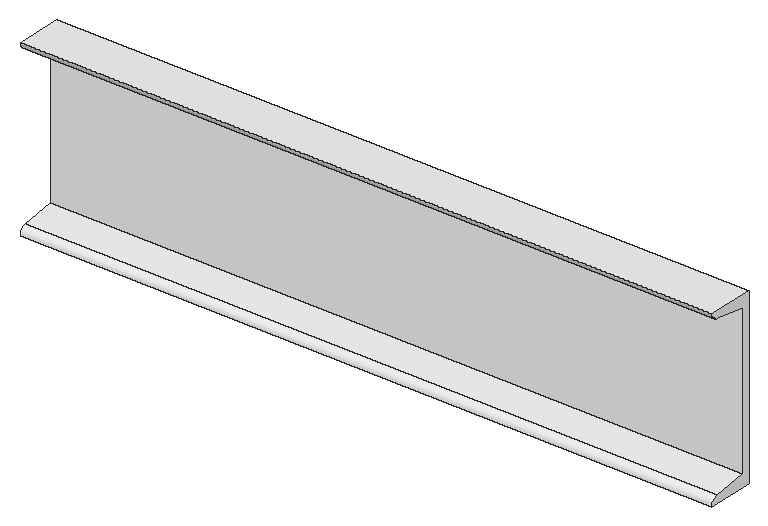
Revit family "M_C-Guia", category Quadro estrutural, Revit 2019
Family settings
  Arredondamento do comprimento do framing estrutural = 0 mm
  Forma do corte = Não definido
  Material para o comportamento do modelo = Aço
  Exportar sempre como geometria = Não
  Número OmniClass = 23.25.30.11.14.14
  Título OmniClass = Beams
  ID de item do Seek = C-Channel-0000-CAN-ENU
  Sempre na vertical = Sim
  Corte com vazios quando carregada = Não
  Representação simbólica = Das configurações de projeto
  Compartilhado = Não
  Exibir o pré-corte da família na vista da planta = Sim
Parameters (values of type "C310X45")
  W = 0.438
  Structural Material [instance] = Aço, 45-345
  Assembly Code = ""
  Length [instance] = 1524 mm
  bf = 80.5 mm
  d = 305 mm
  tf = 12.7 mm
  tw = 13 mm
  x = 17.1 mm
  A = 0.006 m²
Types (2, lengths in mm): name | W | bf | d | tf | tw | x | A
  C310X45 | 0.438 | 80.5 | 305 | 12.7 | 13 | 17.1 | 0.006 m²
  C380X50.4 | 0.495 | 86.4 | 381 | 16.5 | 10.2 | 20 | 0.00642 m²
Reference planes
  plane 1 "Centro (Frente/Trás)": y = 0
  plane 2: z = 0
  plane 3 "Centro (Esquerda/Direita)": x = 4.61
  plane 4 "Membro esquerdo": x = -604.99
  plane 5 "Membro direito": x = 614.21
  plane 6: y = 17.1
  plane 7: y = -63.4
  plane 8 "Superior": z = 152.5
  plane 9: z = -152.5
  plane 10 "Esquerda": x = -757.39
  plane 11 "Direita": x = 766.61
Forms (mm)
  Sweep 1, solid, material "Aço, 45-345" <- "Structural Material", detail levels medium
    path origin (0, 0, 0) x (1, 0, 0) y (0, 1, 0)
      loop
        line (614.21, 0) -> (-604.99, 0)
    profile "M_C-Guia-Perfil-Médio : M_C-Guia-Perfil-Médio" origin (4.61, 0, 0) x (0, -1, 0) y (0, 0, 1)
      loop
        line (-17.1, -152.5) -> (63.4, -152.5) -> (63.4, -139.8) -> (-4.1, -129.109) -> (-4.1, 129.109) -> (63.4, 139.8) -> (63.4, 152.5) -> (-17.1, 152.5) -> (-17.1, -152.5)
  Sweep 2, solid, material "Aço, 45-345" <- "Structural Material", detail levels fine
    path origin (0, 0, 0) x (1, 0, 0) y (0, 1, 0)
      loop
        line (614.21, 0) -> (-604.99, 0)
    profile "M_C-Guia-Perfil-Alto : M_C-Guia-Perfil-Alto" origin (4.61, 0, 0) x (0, -1, 0) y (0, 0, 1)
      loop
        line (-17.1, -152.5) -> (63.4, -152.5)
        arc (63.4, -152.5) -> (59.68, -143.52) -> (50.7, -139.8) r 12.7
        line (50.7, -139.8) -> (-4.1, -131.121) -> (-4.1, 131.121) -> (50.7, 139.8)
        arc (50.7, 139.8) -> (59.68, 143.52) -> (63.4, 152.5) r 12.7
        line (63.4, 152.5) -> (-17.1, 152.5) -> (-17.1, -152.5)
Lines and regions (mm)
  symbolic lines, style "Faces ocultas", detail levels medium+fine
    curve 1: line (-604.99, 4.1, 0) -> (614.21, 4.1, 0)
    curve 2: line (-604.99, 4.762, 139.8) -> (614.21, 4.762, 139.8)
    curve 3: line (-604.99, 4.763, -139.8) -> (614.21, 4.763, -139.8)
  symbolic lines, style "Símbolos de vara", detail levels coarse
    curve 4: line (4.61, 17.1, 152.5) -> (4.61, -63.4, 152.5)
    curve 5: line (4.61, 17.1, -152.5) -> (4.61, 17.1, 152.5)
    curve 6: line (4.61, -63.4, -152.5) -> (4.61, 17.1, -152.5)
Dimensions and locks
  "bf": plane 6 to plane 7
  "d": plane 9 to plane 8 "Superior"
  "x": plane 6 to plane 1 "Centro (Frente/Trás)"
  equal spacing: plane 9, plane 2, plane 8 "Superior"
  "Length": plane 10 "Esquerda" to plane 11 "Direita"
  aligned and locked: Sweep 1 sketch curve to plane 1 "Centro (Frente/Trás)"
  aligned and locked: Sweep 2 sketch curve to plane 1 "Centro (Frente/Trás)"
  aligned and locked: curve 4 to Sweep 2
  aligned and locked: curve 5 to Sweep 2
  aligned and locked: Sweep 2 to curve 6
  aligned and locked: Sweep 1 to curve 4
  aligned and locked: curve 6 to Sweep 1
  aligned and locked: curve 3 to Sweep 1
  aligned and locked: curve 2 to Sweep 1
  aligned and locked: curve 1 to Sweep 2
  aligned and locked: plane 4 "Membro esquerdo" to Sweep 2 sketch curve
  aligned and locked: plane 5 "Membro direito" to Sweep 2 sketch curve
  aligned and locked: plane 4 "Membro esquerdo" to Sweep 1 sketch curve
  aligned and locked: plane 5 "Membro direito" to Sweep 1 sketch curve
  aligned and locked: plane 4 "Membro esquerdo" to curve 1
  aligned and locked: plane 5 "Membro direito" to curve 1
  aligned and locked: plane 4 "Membro esquerdo" to curve 3
  aligned and locked: plane 4 "Membro esquerdo" to curve 2
  aligned and locked: plane 5 "Membro direito" to curve 3
  aligned and locked: plane 5 "Membro direito" to curve 2
Types in the file's own list only (29): name | W | bf | d | tf | tw | x | A
  C380X74 | 0.73 | 94 mm | 381 mm | 17 mm | 18 mm | 20 mm | 0.01 m²
  C380X60 | 0.584 | 89 mm | 381 mm | 17 mm | 13 mm | 20 mm | 0.01 m²
  C310X37 | 0.365 | 77 mm | 305 mm | 13 mm | 10 mm | 17 mm | 0.00 m²
  C310X30.8 | 0.302 | 75 mm | 305 mm | 13 mm | 7 mm | 18 mm | 0.00 m²
  C250X45 | 0.438 | 77 mm | 254 mm | 11 mm | 17 mm | 17 mm | 0.01 m²
  C250X37 | 0.365 | 73 mm | 254 mm | 11 mm | 13 mm | 16 mm | 0.00 m²
  C250X30 | 0.292 | 70 mm | 254 mm | 11 mm | 10 mm | 15 mm | 0.00 m²
  C250X22.8 | 0.223 | 66 mm | 254 mm | 11 mm | 6 mm | 16 mm | 0.00 m²
  C230X30 | 0.292 | 67 mm | 229 mm | 11 mm | 11 mm | 15 mm | 0.00 m²
  C230X22 | 0.219 | 63 mm | 229 mm | 11 mm | 7 mm | 15 mm | 0.00 m²
  C230X19.9 | 0.196 | 62 mm | 229 mm | 11 mm | 6 mm | 15 mm | 0.00 m²
  C200X27.9 | 0.274 | 64 mm | 203 mm | 10 mm | 12 mm | 14 mm | 0.00 m²
  C200X20.5 | 0.201 | 60 mm | 203 mm | 10 mm | 8 mm | 14 mm | 0.00 m²
  C200X17.1 | 0.168 | 57 mm | 203 mm | 10 mm | 6 mm | 15 mm | 0.00 m²
  C180X22 | 0.215 | 58 mm | 178 mm | 9 mm | 11 mm | 14 mm | 0.00 m²
  C180X18.2 | 0.179 | 56 mm | 178 mm | 9 mm | 8 mm | 13 mm | 0.00 m²
  C180X14.6 | 0.143 | 53 mm | 178 mm | 9 mm | 5 mm | 14 mm | 0.00 m²
  C150X19.3 | 0.19 | 55 mm | 152 mm | 9 mm | 11 mm | 13 mm | 0.00 m²
  C150X15.6 | 0.153 | 52 mm | 152 mm | 9 mm | 8 mm | 13 mm | 0.00 m²
  C150X12.2 | 0.12 | 49 mm | 152 mm | 9 mm | 5 mm | 13 mm | 0.00 m²
  C130X13 | 0.131 | 48 mm | 127 mm | 8 mm | 8 mm | 12 mm | 0.00 m²
  C130X10.4 | 0.098 | 45 mm | 127 mm | 8 mm | 5 mm | 12 mm | 0.00 m²
  C100X10.8 | 0.106 | 44 mm | 102 mm | 8 mm | 8 mm | 12 mm | 0.00 m²
  C100X8 | 0.079 | 40 mm | 102 mm | 8 mm | 5 mm | 12 mm | 0.00 m²
  C100X6.7 | 0.066 | 40 mm | 102 mm | 8 mm | 3 mm | 13 mm | 0.00 m²
  C75X8.9 | 0.088 | 41 mm | 76 mm | 7 mm | 9 mm | 12 mm | 0.00 m²
  C75X7.4 | 0.073 | 38 mm | 76 mm | 7 mm | 7 mm | 11 mm | 0.00 m²
  C75X6.1 | 0.06 | 36 mm | 76 mm | 7 mm | 4 mm | 11 mm | 0.00 m²
  C75X5.2 | 0.051 | 35 mm | 76 mm | 7 mm | 3 mm | 11 mm | 0.00 m²
